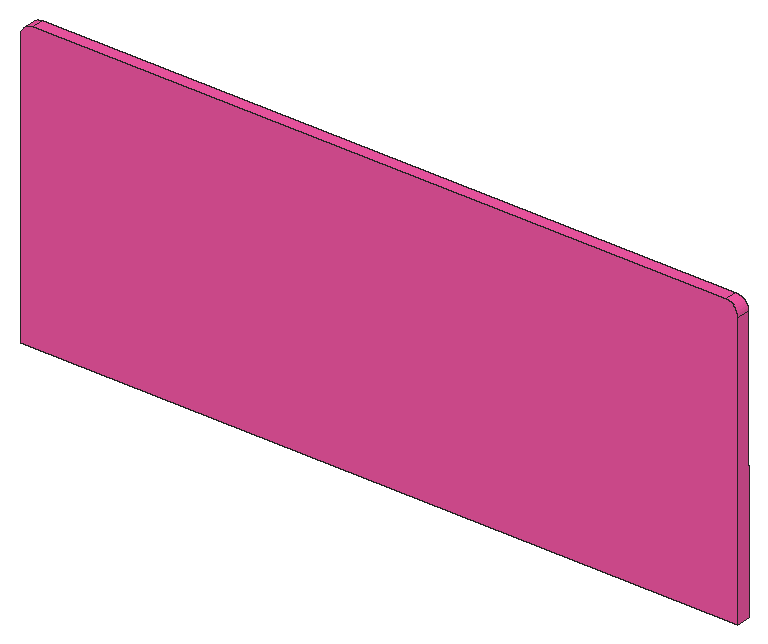
Revit family "Haworth_BuzziDesk", category Furniture, Revit 2018
Family settings
  OmniClass Number = 23.40.70.14.64.21
  OmniClass Title = Systems Furniture
  Work Plane-Based = No
  Always vertical = Yes
  Cut with Voids When Loaded = No
  Shared = No
  Room Calculation Point = No
Parameters (values of type "HCBZ-DKS3 - High Screen")
  Width = 78 3/4"
  Warranty = "http://www.haworth.com/resources/product-info/warranties"
  Void Length = if(Rounded Corners, 12", 3")  # 12"
  Upholstery Finish [instance] = Haworth _ Fabric _ BuzziFelt _ Pink BFE-65
  URL - Product = "https://www.haworth.com/products/workspaces/accessories/buzzidesk"
  URL = "http://www.haworth.com/our-brands/haworth-collection"
  Standard Widths = "31.5, 39.5, 47.25, 55.25, 63, 71, 78.75 in"  # constant formula
  Squared Corners = no
  Size = "Verify Final Dim. w/ Haworth"  # constant formula
  Rounded Corners = not(Squared Corners)  # yes
  Revision Number = "1"  # constant formula
  Model = "HCBZ-DKS"  # constant formula
  Min. Width = 31 1/2"  # constant formula
  Medium = no
  Max. Width = 78 3/4"  # constant formula
  Manufacturer = "Haworth"  # constant formula
  Low = no
  High = not(or(Low, Medium))  # yes
  Description = "Haworth BuzziDesk High Screen"
  Custom Size = not(and(and(Actual Depth = 1 97/256"), or(Width = 31 1/2", Width = 39 1/2", Width = 47 1/4", Width = 55 1/4", Width = 63", Width = 71", Width = 78 3/4")))  # no
  Author = "Haworth (Abd Rahman)"  # constant formula
  Assembly Code = "E2020200"
  Actual Width = if(Width > Max. Width, Max. Width, if(Width < Min. Width, Min. Width, Width))  # 78 3/4"
  Actual Mounting Height = 29 5/8"  # constant formula
  Actual Height = if(Low, 15 3/4", if(Medium, 23 3/4", 31 1/2"))  # 31 1/2"
  Actual Depth = 1 97/256"  # constant formula
Types (3): name | Medium | Low | High | Description | Actual Height
  HCBZ-DKS1 - Low Screen | no | yes | no | "Haworth BuzziDesk Low Screen" | 15 3/4"
  HCBZ-DKS2 - Medium Screen | yes | no | no | "Haworth BuzziDesk Medium Screen" | 23 3/4"
  HCBZ-DKS3 - High Screen | no | no | yes | "Haworth BuzziDesk High Screen" | 31 1/2"
Reference planes (in)
  plane 1 "Center F/B": y = 1.75
  plane 2: z = 0
  plane 3 "Back": y = 2.43945
  plane 4 "Front": y = 1.06055
  plane 5 "Bottom": z = 29.625
  plane 6 "Right": x = 61.83538
  plane 7 "Left": x = -16.91462
  plane 8: x = 22.46038
  plane 9: z = 61.125
  plane 10: y = -5.75176
  plane 11: y = 6.24824
  plane 12: y = -5.75176
  plane 13: y = 6.24824
Forms (in)
  Extrusion 1, solid, material "Haworth _ Fabric _ BuzziFelt _ Pink BFE-65" <- "Upholstery Finish"
    sketch origin (0, 1.75, 0) x (1, 0, 0) y (0, 0, 1)
      loop
        line (-16.91462, 61.125) -> (-16.91462, 29.625) -> (61.83538, 29.625) -> (61.83538, 61.125) -> (-16.91462, 61.125)
    from -0.68945 to 0.68945
  Extrusion 2, void
    sketch origin (0, 1.75, 0) x (1, 0, 0) y (0, 0, 1)
      loop
        line (-15.53572, 61.125) -> (-15.53572, 62.375) -> (-18.66462, 62.375) -> (-18.66462, 59.74609) -> (-16.91462, 59.74609)
        arc (-16.91462, 59.74609) -> (-16.51075, 60.72113) -> (-15.53572, 61.125) r 1.37891
    from 7.50176 to -4.49824
  Extrusion 3, void
    sketch origin (44.92075, 1.75, 0) x (-1, 0, 0) y (0, 0, -1)
      loop
        arc (-15.53572, -61.125) -> (-16.51075, -60.72113) -> (-16.91462, -59.74609) r 1.37891
        line (-16.91462, -59.74609) -> (-18.66462, -59.74609) -> (-18.66462, -62.375) -> (-15.53572, -62.375) -> (-15.53572, -61.125)
    from 7.50176 to -4.49824
Cuts and joins
  Extrusion 2, Extrusion 3 cuts Extrusion 1
Lines and regions (in)
  Masking region 1
    outline origin (0, 0, 0) x (1, 0, 0) y (0, 1, 0)
      loop
        line (-16.91462, 2.43945) -> (-16.91462, 1.06055) -> (61.83538, 1.06055) -> (61.83538, 2.43945) -> (-16.91462, 2.43945)
Dimensions and locks (in)
  "Actual Width": plane 7 "Left" to plane 6 "Right"
  "Actual Depth": plane 4 "Front" to plane 3 "Back"
  equal spacing: plane 4 "Front", plane 1 "Center F/B", plane 3 "Back"
  equal spacing: plane 7 "Left", plane 8, plane 6 "Right"
  "Actual Height": plane 9 to plane 5 "Bottom"
  "Void Length": plane 11 to plane 10
  "Void Length": plane 13 to plane 12
  "Actual Mounting Height": plane 5 "Bottom" to plane 2
  aligned and locked: plane 3 "Back" to Extrusion 1
  aligned and locked: plane 4 "Front" to Extrusion 1
  aligned and locked: Extrusion 1 sketch curve to plane 6 "Right"
  aligned and locked: Extrusion 1 sketch curve to plane 7 "Left"
  aligned and locked: Extrusion 2 to plane 10
  aligned and locked: Extrusion 2 to plane 11
  aligned and locked: plane 12 to Extrusion 3
  aligned and locked: Extrusion 3 to plane 13
  aligned and locked: cut or joined group of Extrusion 1, Extrusion 2, Extrusion 3 to plane 5 "Bottom"
  aligned and locked: plane 9 to cut or joined group of Extrusion 1, Extrusion 2, Extrusion 3
  aligned and locked: plane 7 "Left" to cut or joined group of Extrusion 1, Extrusion 2, Extrusion 3
  aligned and locked: plane 6 "Right" to cut or joined group of Extrusion 1, Extrusion 2, Extrusion 3
  aligned and locked: Masking region 1 sketch curve to cut or joined group of Extrusion 1, Extrusion 2, Extrusion 3  (x4)
  aligned and locked: plane 7 "Left" to Masking region 1
  aligned and locked: plane 4 "Front" to cut or joined group of Extrusion 1, Extrusion 2, Extrusion 3
  aligned and locked: plane 6 "Right" to Masking region 1
Automatic sketch dimensions
  Extrusion 1 sketch curve to plane 9 = 0"
  plane 5 "Bottom" to Extrusion 1 sketch curve = 0"
  plane 7 "Left" to Extrusion 2 sketch curve = 0"
  Extrusion 2 sketch curve to plane 9 = 0"
  plane 7 "Left" to Extrusion 2 sketch curve = 1 3/4"
  Extrusion 2 sketch curve to plane 7 "Left" = 1 97/256"
  plane 9 to Extrusion 2 sketch curve = 1 1/4"
  Extrusion 3 sketch curve to plane 6 "Right" = 0"
  Extrusion 3 sketch curve to plane 9 = 0"
  Extrusion 3 sketch curve to Extrusion 3 sketch curve = 1 3/4"
  plane 6 "Right" to Extrusion 3 sketch curve = 1 97/256"
  Extrusion 3 sketch curve to plane 9 = 1 1/4"
